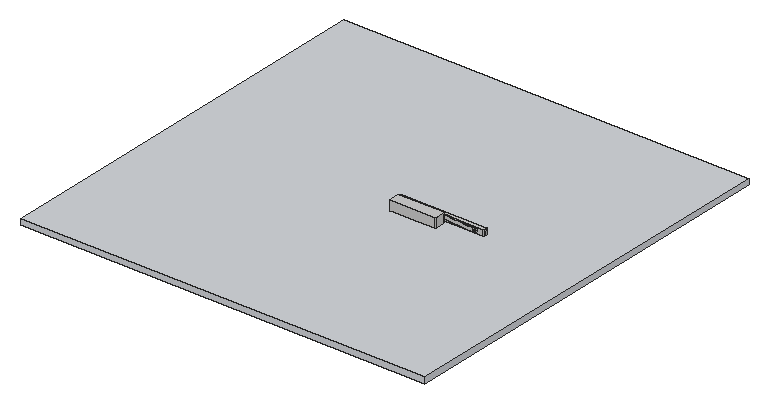
Revit family "Doors - Hardware_Door_Dormakaba_TS92XEA", category Allgemeines Modell, Revit 2016
Family settings
  Basisbauteil = Fläche
  Teiletyp = Normal
  Kann Basisbauteil für Bewehrung sein = Nein
  Bemaßung runder Anschluss = Durchmesser verwenden
  OmniClass-Nummer = 23.30.40.11.27.11
  OmniClass-Titel = Door Closers
  Beim Laden mit Abzugskörper schneiden = Nein
  Gemeinsam genutzt = Nein
  Raumberechnungspunkt = Nein
Parameters
  Youtube clip = ""
  Weight Net (Kg) = "2"
  Uniformat II Description = ""
  Uniformat II Code = ""
  Uniclass 2015 Name = "Uncontrolled door closers"
  Uniclass 2015 Code = "Pr_30_36_59_92"
  Uniclass 2.0 Description = ""
  Uniclass 2.0 Code = ""
  Uniclass 1.4 Description = "Door closers"
  Uniclass 1.4 Code = "L41812"
  UNSPSC Code = ""
  Technical description = ""
  Push Side Transom = TS 92 XEA_Push-Side-Transom_Fixing : TS 92 XEA_Push-Side-Transom_Fixing
  Push Side Door = TS 92 XEA_Push-Side-Door_Fixing : TS 92 XEA_Push-Side-Door_Fixing
  Pull side Transom = TS 92 XEA_Pull-Side-Transom-Fixing : TS 92 XEA_Pull-Side-Transom-Fixing
  Pull Side Door = TS 92 XEA_Pull-Side-Door_Fixing : TS 92 XEA_Pull-Side-Door_Fixing
  Product url = "http://www.dorma.com/gb/en/products/opening_closing/door_closers/index-23222-23225.html"
  Product certification = ""
  Product SKU = "ts_92_xea_en_1-4"
  Primary Material = Aluminium-Dormakaba-Anodized Silver
  Opening Angle = 0.00°
  OmniClass Description = "Door Closers"
  OmniClass Code = "23-17 19 11 19 11"
  Nominal width = 305 mm
  Nominal height = 66.5 mm
  Max Depth Jamb to Door [instance] = if(and(Door Closers Types = Pull Side Door, Depth Jamb to Door > 16 mm), 16 mm, if(and(Door Closers Types = Pull side Transom, Depth Jamb to Door > 3 mm), 3 mm, if(and(Door Closers Types = Push Side Door, Depth Jamb to Door > 26 mm), 26 mm, if(and(Door Closers Types = Push Side Transom, Depth Jamb to Door > 30 mm), 30 mm, Depth Jamb to Door))))  # 0 mm
  Material secondary = "Aluminium"
  Material main = "Steel"
  Manufacturer name = "DORMA"
  Manufacturer country = "Singapore"
  Installation instructions = ""
  Front Position Length = if(Door Closers Types = Pull Side Door, 86 mm, if(Door Closers Types = Pull side Transom, 74.5 mm, if(Door Closers Types = Push Side Door, 51 mm, 74.5 mm)))  # 86 mm
  Front Position Closer Height = if(Door Closers Types = Pull Side Door, 96 mm, if(Door Closers Types = Pull side Transom, 117 mm, if(Door Closers Types = Push Side Door, 83 mm, 104 mm)))  # 96 mm
  Edition number = 1
  EAN code = ""
  Door Closers Types = TS 92 XEA_Pull-Side-Door_Fixing : TS 92 XEA_Pull-Side-Door_Fixing
  Design country = "Germany"
  Depth Jamb to Door = 0 mm
  Default Elevation = 1219.2 mm
  Debth celarance [instance] = if(Door Closers Types = Pull side Transom, Max Depth Jamb to Door + 55.5 mm, if(Door Closers Types = Push Side Transom, Max Depth Jamb to Door + 55.5 mm, 55.5 mm))  # 55.5 mm
  Date of publishing = ""
  Clearance Visibility [instance] = yes
  Brand url = "http://www.dormakaba.com"
Reference planes
  plane 1 "Not a Reference": y = 0
  plane 2: z = 0
  plane 3 "Center (Left/Right)": x = 0
  plane 4: y = -100
  plane 5: x = 86
  plane 6 "Center (Front/Back)": y = -4
  plane 7: z = 0
Forms (mm)
  Extrusion 1, solid
    sketch origin (0, 0, 0) x (1, 0, 0) y (0, 1, 0)
      loop
        line (-1219.2, 1219.2) -> (-1219.2, -1219.2) -> (1219.2, -1219.2) -> (1219.2, 1219.2) -> (-1219.2, 1219.2)
    from 0 to -33.658
Dimensions and locks
  locked: plane 4 to plane 1 "Not a Reference" at 100
  "Front Position Length": plane 3 "Center (Left/Right)" to plane 5
  "Front Position Closer Height": plane 6 "Center (Front/Back)" to plane 4
  "Max Depth Jamb to Door": plane 2 to plane 7
  aligned and locked: plane 2 to Extrusion 1
  aligned and locked: level to Extrusion 1
  aligned and locked: plane 3 "Center (Left/Right)" to nested 1
  aligned and locked: plane 1 "Not a Reference" to nested 1
  aligned and locked: plane 3 "Center (Left/Right)" to nested 2
  aligned and locked: nested 2 to plane 7
Automatic sketch dimensions
  Extrusion 1 sketch curve to Extrusion 1 sketch curve = 2438.4 mm  (x2)
Nested families
  nested 1: "TS 92 XEA_Pull-Side-Door_Fixing" at (0, -4, 0), type <- "Door Closers Types", type "TS 92 XEA_Pull-Side-Door_Fixing"
    with Position closer 0 mm
  nested 2: "V2" at (0, 0, 0) x (1, 0, 0) z (0, -1, 0), type "V2"
    with a 55.5 mm, D 590 mm
Definition of nested family "TS 92 XEA_Pull-Side-Door_Fixing"
  Parameters (values of type "TS 92 XEA_Pull-Side-Door_Fixing")
    visibility = yes
    Primary Material = none
    Position closer = 20 mm
    Position Closer Control = 16 mm
    Operator distributed length = 590 mm  # constant formula
    Opening Angle = 0.00°
    Max Door Width = "Door Width=1400mm"  # constant formula
    Default Elevation = 1219.2 mm
    Axis 2 V = 15.5 mm  # constant formula
    Axis 2 H = Operator distributed length - Axis 1 H + (sqrt((374 mm) ^ 2 - (Axis 1 V - Axis 2 V) ^ 2))  # 540.041 mm
    Axis 1 V = (178.9 mm * sin(11.938° + Opening Angle)) + 60 mm  # 97.006 mm
    Axis 1 H = Operator distributed length - (178.9 mm * cos(11.938° + Opening Angle))  # 414.969 mm
  Reference planes
    plane 1 "2": y = 0
    plane 2: z = 0
    plane 3 "Center (Left/Right)": x = 0
    plane 4 "Center (Front/Back)": y = 4
    plane 5: z = -20
    plane 6: x = 175.031
    plane 7: x = 540.041
    plane 8: x = 86
    plane 9: x = 590
    plane 10: z = 17.006
    plane 11: z = 15.5
    plane 12: x = 364.726
    plane 13: y = 0
    plane 14: y = -96
    plane 15: x = 401.4
    plane 16: z = -80
    plane 17: z = 35.5
  Forms (mm)
    Extrusion 1, solid
      sketch origin (0, 0, 0) x (1, 0, 0) y (0, 1, 0)
        loop
          line (-1219.2, 1219.2) -> (-1219.2, -1219.2) -> (1219.2, -1219.2) -> (1219.2, 1219.2) -> (-1219.2, 1219.2)
      from 0 to -304.8
    Extrusion 2, solid, material <- "Primary Material"
      sketch origin (0, 0, 0) x (1, 0, 0) y (0, 1, 0)
        loop
          arc (80.1, 38.997) -> (76.423, 37.474) -> (74.9, 33.797) r 5.2
          line (74.9, 33.797) -> (74.9, 21.103)
          arc (74.9, 21.103) -> (76.423, 17.426) -> (80.1, 15.903) r 5.2
          line (80.1, 15.903) -> (584.8, 15.903)
          arc (584.8, 15.903) -> (588.477, 17.426) -> (590, 21.103) r 5.2
          line (590, 21.103) -> (590, 33.797)
          arc (590, 33.797) -> (588.477, 37.474) -> (584.8, 38.997) r 5.2
          line (584.8, 38.997) -> (80.1, 38.997)
      from 0 to 32
    Sweep 3, solid, material <- "Primary Material"
      path origin (175.031, 0, 17.006) x (0.999991, 0, -0.004126) y (0.004126, 0, 0.999991)
        loop
          line (0, 0) -> (365.014, 0)
      profile origin (357.536, 0, 16.253) x (0.004126, 0, 0.999991) y (0, -1, 0)
        loop
          line (-11, -9.85) -> (-11, -14.85) -> (11, -14.85) -> (11, -9.85) -> (-11, -9.85)
    Revolve 4, solid, material <- "Primary Material"
      sketch origin (549.133, -4572, 15.5) x (-1, 0, 0) y (0, -1, 0)
        loop
          line (9.092, -4581.85) -> (9.092, -4580.85) -> (4.117, -4580.85) -> (4.117, -4581.85) -> (9.092, -4581.85)
        axis (9.092, -4581.85) -> (9.092, -4580.85)
      angle from 0 to 360
    Extrusion 5, solid, material <- "Primary Material"
      sketch origin (175.031, 0, 17.006) x (0.999991, 0, -0.004126) y (0.004126, 0, 0.999991)
        loop
          circle (365.014, 0) r 8
      from -15.903 to -14.85
    Extrusion 6, solid, material <- "Primary Material"
      sketch origin (0, 0, -10) x (-0.642788, 0, 0.766044) y (-0.766044, 0, -0.642788)
        loop
          circle (-91.82, -151.44) r 11
      from -14.85 to -9.85
    Extrusion 7, solid, material <- "Primary Material"
      sketch origin (0, -1.252, -10) x (-0.642788, 0, 0.766044) y (-0.766044, 0, -0.642788)
        loop
          circle (-91.82, -151.44) r 11
      from -11.102 to -1.252
    Extrusion 8, solid, material <- "Primary Material"
      sketch origin (0, 0, -10) x (-0.642788, 0, 0.766044) y (-0.766044, 0, -0.642788)
        loop
          circle (-327.598, -430.087) r 11
      from -14.85 to -9.85
  Lines and regions (mm)
    reference lines
      curve 1: line (0, 0, -20) -> (590, 0, -20)
      curve 2: line (175.031, 0, 17.006) -> (540.041, 0, 15.5)
    symbolic lines, visible <- "visibility"
      curve 3: line (0, -67, 0) -> (590, -67, 0)
      curve 4: line (590, 38.997, 0) -> (0, 38.997, 0)
      curve 5: line (0, 38.997, 0) -> (0, -67, 0)
      curve 6: line (590, -67, 0) -> (590, 38.997, 0)
      curve 7: line (0, -67, -20) -> (0, -67, 35.5)
      curve 8: line (0, 38.997, -20) -> (0, 38.997, 35.5)
      curve 9: line (0, 38.997, 35.5) -> (0, -67, 35.5)
      curve 10: line (0, -67, -20) -> (0, 38.997, -20)
  Dimensions and locks
    "Position closer": level to plane 5
    "Axis 2 V": plane 11 to level
    "Axis 2 H": plane 7 to plane 3 "Center (Left/Right)"
    "Operator distributed length": plane 3 "Center (Left/Right)" to plane 9
    "Operator distributed length": curve 1 to curve 1
    "Axis 1 H": plane 9 to plane 6
    plane 9 to plane 8 = 504 mm
    locked: plane 4 "Center (Front/Back)" to plane 14 at 100
    locked: plane 14 to plane 13 at 96
    "Axis 1 V": plane 10 to plane 16
    locked: plane 5 to plane 16 at 60
    locked: plane 3 "Center (Left/Right)" to plane 8 at 86
    plane 17 to plane 5 = 55.5 mm
    radius of Extrusion 6 sketch curve = 11 mm
    radius of Extrusion 7 sketch curve = 11 mm
    radius of Extrusion 8 sketch curve = 11 mm
    "Opening Angle": angle plane 5 to curve 1
    aligned and locked: plane 2 to Extrusion 1
    aligned and locked: level to Extrusion 1
    aligned and locked: plane 3 "Center (Left/Right)" to curve 1
    aligned and locked: plane 5 to curve 1
    aligned and locked: plane 9 to Extrusion 2
    aligned and locked: plane 11 to Extrusion 5 sketch curve
    aligned and locked: plane 6 to Extrusion 6 sketch curve
    aligned and locked: plane 10 to Extrusion 6 sketch curve
    aligned and locked: plane 6 to Extrusion 7 sketch curve
    aligned and locked: plane 10 to Extrusion 7 sketch curve
    aligned and locked: plane 7 to Extrusion 8 sketch curve
    aligned and locked: plane 11 to Extrusion 8 sketch curve
    aligned and locked: plane 3 "Center (Left/Right)" to nested 1
    aligned and locked: plane 5 to nested 1
    aligned and locked: plane 5 to curve 10
    aligned and locked: plane 17 to curve 9
  Automatic sketch dimensions
    Extrusion 1 sketch curve to Extrusion 1 sketch curve = 2438.4 mm  (x2)
    Sweep 3 sketch curve to curve 2 = 0 mm  (x3)
    curve 2 to Extrusion 5 sketch curve = 0 mm
    profile plane to Sweep 3 sketch curve = 11 mm
    Sweep 3 sketch curve to profile plane = 11 mm
    Sweep 3 sketch curve to profile plane = 14.85 mm
    Sweep 3 sketch curve to Sweep 3 sketch curve = 5 mm
    Revolve 4 sketch curve to plane 7 = 0 mm  (x2)
    plane 7 to Revolve 4 sketch curve = 4.975 mm
    plane 4 "Center (Front/Back)" to Revolve 4 sketch curve = 5.85 mm
    Revolve 4 sketch curve to Revolve 4 sketch curve = 1 mm
    Revolve 4 sketch curve to Revolve 4 sketch curve = 1.05 mm
    Revolve 4 sketch curve to Revolve 4 sketch curve = 1.15 mm
    Extrusion 2 sketch curve to plane 9 = 0 mm
    Extrusion 2 sketch curve to plane 9 = 5.2 mm
    Extrusion 2 sketch curve to Extrusion 2 sketch curve = 5.2 mm  (x2)
    Extrusion 2 sketch curve to plane 8 = 5.9 mm  (x2)
    plane 4 "Center (Front/Back)" to Extrusion 2 sketch curve = 11.903 mm
    Extrusion 2 sketch curve to Extrusion 2 sketch curve = 12.694 mm
    curve 5 to plane 3 "Center (Left/Right)" = 0 mm
    plane 14 to curve 5 = 29 mm
    plane 4 "Center (Front/Back)" to curve 5 = 34.997 mm
    curve 4 to plane 9 = 0 mm
    plane 14 to curve 7 = 29 mm
    plane 4 "Center (Front/Back)" to curve 9 = 34.997 mm
    curve 2 to plane 6 = 0 mm
    curve 2 to plane 7 = 0 mm
    curve 2 to plane 11 = 0 mm
    curve 2 to plane 10 = 0 mm
    radius of Extrusion 5 sketch curve = 8 mm
  Nested families
    nested 1: "Body" at (0, -67, -20), type "Family22"
  Definition of nested family "Body"
    Parameters (values of type "Family22")
      Primary Material = none
      Angle = 0.00°
    Reference planes
      plane 1 "Center (Front/Back)": y = 0
      plane 2: z = 0
      plane 3 "Center (Left/Right)": x = 0
    Forms (mm)
      Sweep 1, solid, material <- "Primary Material"
        path origin (0, 0, 0) x (0, 0, 1) y (-1, 0, 0)
          loop
            line (0, 0) -> (55.5, 0)
        profile "Family18 : Family18" origin (0, 0, 27.75) x (-1, 0, 0) y (0, -1, 0)
          loop
            line (-91.5, 0) -> (-360.5, 0)
            arc (-360.5, 0) -> (-364.389, -1.611) -> (-366, -5.5) r 5.5
            line (-366, -5.5) -> (-366, -61.5)
            arc (-366, -61.5) -> (-364.389, -65.389) -> (-360.5, -67) r 5.5
            line (-360.5, -67) -> (-91.5, -67)
            arc (-91.5, -67) -> (-87.611, -65.389) -> (-86, -61.5) r 5.5
            line (-86, -61.5) -> (-86, -5.5)
            arc (-86, -5.5) -> (-87.611, -1.611) -> (-91.5, 0) r 5.5
    Lines and regions (mm)
      reference lines
        curve 1: line (0, 0, 0) -> (1540, 0, 0)
        curve 2: line (0, 0, 0) -> (0, 0, 420)
    Dimensions and locks
      locked: Sweep 1 sketch curve to curve 1 at 55.5
      "Angle": angle level to curve 1
      angle curve 1 to curve 2 = 90.00°
      aligned and locked: level to plane 2
      aligned and locked: plane 2 to curve 2
      aligned and locked: plane 3 "Center (Left/Right)" to curve 2
      aligned and locked: Sweep 1 sketch curve to curve 2
    Automatic sketch dimensions
      Sweep 1 sketch curve to curve 2 = 0 mm
Definition of nested family "V2"
  Parameters (values of type "V2")
    a = 65 mm
    Visible = yes
    D = 592 mm
  Reference planes
    plane 1 "Center (Front/Back)": y = 0
    plane 2: z = 0
    plane 3 "Center (Left/Right)": x = 0
  Lines and regions (mm)
    detail lines, in view "Ref. Level", visible <- "Visible"
      curve 1: line (0, 0, 0) -> (0, 65, 0)
      curve 2: line (0, 65, 0) -> (592, 65, 0)
      curve 3: line (592, 65, 0) -> (592, 0, 0)
      curve 4: line (592, 0, 0) -> (0, 0, 0)
  Dimensions and locks
    "a": curve 2 to curve 4
    "D": curve 1 to curve 3
  Automatic sketch dimensions
    curve 1 to plane 3 "Center (Left/Right)" = 0 mm
    plane 1 "Center (Front/Back)" to curve 4 = 0 mm
